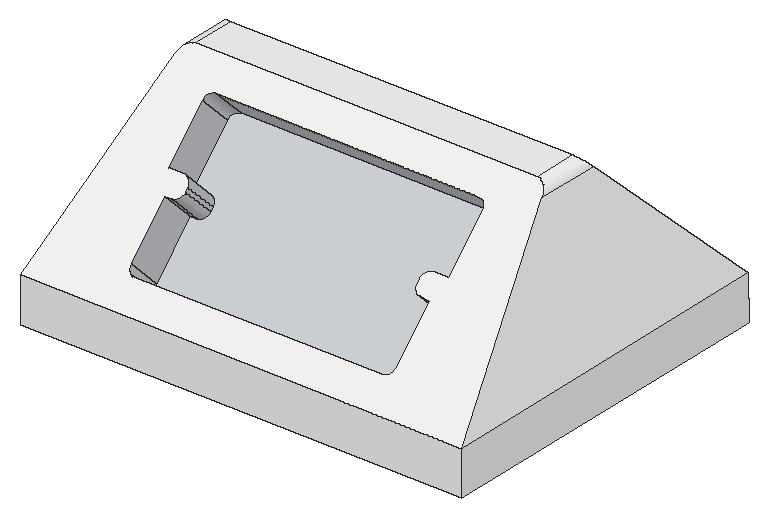
Revit family "PED-DS4-W", category Electrical Fixtures, Revit 2015
Parameters (values of type "PED-DS4-W")
  URL = "www.arboles.co.uk"
  Model = "PED-DS4_W"
  Materials = "ABS Plastic"
  Manufacturer = "Arboles UK Ltd, Tel: 01204 388814"
  Dimensions = "L 200mm x W 161mm x H 90mm"
  Description = "2 Way 2 Gang Bench Mounting Electrical Box"
  Colour = "White RAL 9016"
Reference planes
  plane 1 "Center (Front/Back)": y = 0
  plane 2: z = 0
  plane 3 "Center (Left/Right)": x = 0
Forms (mm)
  Extrusion 1, solid
    sketch origin (0, 0, 0) x (1, 0, 0) y (0, 0, 1)
      loop
        line (0, 0) -> (200, 0) -> (200, 20) -> (183.148, 86.471)
        arc (183.148, 86.471) -> (181.015, 89.734) -> (177.328, 91) r 6.005
        line (177.328, 91) -> (22.694, 91)
        arc (22.694, 91) -> (18.989, 89.729) -> (16.847, 86.45) r 6.032
        line (16.847, 86.45) -> (0, 20) -> (0, 0)
    from 0 to 162
  Extrusion 2, void
    sketch origin (0, 0, 0) x (0, 1, 0) y (0, 0, 1)
      loop
        line (-162, 91) -> (-162, 20) -> (-91, 91) -> (-162, 91)
      loop
        line (0, 91) -> (-71, 91) -> (0, 20) -> (0, 91)
    from 0 to 210
  Extrusion 3, void
    sketch origin (0, -91, 91) x (0, 0.707107, 0.707107) y (1, 0, 0)
      loop
        line (-14.2, 40.056) -> (-14.2, 158.941)
        arc (-14.2, 158.941) -> (-15.389, 161.811) -> (-18.259, 163) r 4.059
        line (-18.259, 163) -> (-45.205, 163) -> (-45.205, 156.05)
        arc (-45.205, 156.05) -> (-46.391, 153.186) -> (-49.254, 152) r 4.05
        line (-49.254, 152) -> (-51.228, 152)
        arc (-51.228, 152) -> (-54.04, 153.165) -> (-55.205, 155.976) r 3.976
        line (-55.205, 155.976) -> (-55.205, 160) -> (-82.228, 160)
        arc (-82.228, 160) -> (-85.039, 158.836) -> (-86.203, 156.026) r 3.974
        line (-86.203, 156.026) -> (-86.203, 43.966)
        arc (-86.203, 43.966) -> (-85.041, 41.162) -> (-82.237, 40) r 3.966
        line (-82.237, 40) -> (-55.205, 40) -> (-55.205, 42.94)
        arc (-55.205, 42.94) -> (-54.023, 45.792) -> (-51.171, 46.973) r 4.034
        line (-51.171, 46.973) -> (-49.234, 46.973)
        arc (-49.234, 46.973) -> (-46.385, 45.793) -> (-45.205, 42.944) r 4.029
        line (-45.205, 42.944) -> (-45.205, 36) -> (-18.256, 36)
        arc (-18.256, 36) -> (-15.388, 37.188) -> (-14.2, 40.056) r 4.056
    from 0 to 20
  Extrusion 4, void
    sketch origin (0, 0, 20) x (0, 0.707107, -0.707107) y (1, 0, 0)
      loop
        line (-13.776, 100) -> (-13.776, 155.998)
        arc (-13.776, 155.998) -> (-14.948, 158.828) -> (-17.778, 160) r 4.002
        line (-17.778, 160) -> (-43.735, 160)
        arc (-43.735, 160) -> (-44.471, 159.695) -> (-44.776, 158.959) r 1.041
        line (-44.776, 158.959) -> (-44.776, 155.961)
        arc (-44.776, 155.961) -> (-45.936, 153.16) -> (-48.737, 152) r 3.961
        line (-48.737, 152) -> (-49.776, 152) -> (-50.783, 152)
        arc (-50.783, 152) -> (-53.606, 153.17) -> (-54.776, 155.993) r 3.993
        line (-54.776, 155.993) -> (-54.776, 162.015)
        arc (-54.776, 162.015) -> (-55.064, 162.712) -> (-55.76, 163) r 0.985
        line (-55.76, 163) -> (-81.664, 163)
        arc (-81.664, 163) -> (-84.571, 161.796) -> (-85.776, 158.889) r 4.111
        line (-85.776, 158.889) -> (-85.776, 41.041)
        arc (-85.776, 41.041) -> (-84.592, 38.183) -> (-81.735, 37) r 4.041
        line (-81.735, 37) -> (-55.795, 37)
        arc (-55.795, 37) -> (-55.074, 37.298) -> (-54.776, 38.019) r 1.019
        line (-54.776, 38.019) -> (-54.776, 43.959)
        arc (-54.776, 43.959) -> (-53.592, 46.817) -> (-50.735, 48) r 4.041
        line (-50.735, 48) -> (-48.797, 48)
        arc (-48.797, 48) -> (-45.953, 46.822) -> (-44.776, 43.979) r 4.021
        line (-44.776, 43.979) -> (-44.776, 41.015)
        arc (-44.776, 41.015) -> (-44.478, 40.297) -> (-43.761, 40) r 1.015
        line (-43.761, 40) -> (-17.807, 40)
        arc (-17.807, 40) -> (-14.956, 41.181) -> (-13.776, 44.031) r 4.031
        line (-13.776, 44.031) -> (-13.776, 100)
    from 0 to 20
Cuts and joins
  Extrusion 2, Extrusion 3, Extrusion 4 cuts Extrusion 1
Lines and regions (mm)
  reference lines
    curve 1: line (100, -101.041, 80.959) -> (44.211, -101.041, 80.959)
    curve 2: line (100, -70.393, 90.393) -> (100, 0, 20)
    curve 3: line (100, -35.197, 55.197) -> (37.215, -35.197, 55.197)
    curve 4: line (100, -35.197, 55.197) -> (165, -35.197, 55.197)
Dimensions and locks
  aligned and locked: level to plane 2
